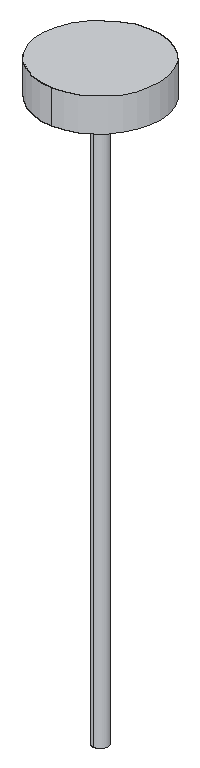
Revit family "METEOR_Atria II 4_REVIT_File (Standard)", category Lighting Fixtures, Revit 2017
Family settings
  Round Connector Dimension = Use Diameter
  Part Type = Normal
  OmniClass Number = 23.80.70.00
  OmniClass Title = Lighting
  Work Plane-Based = Yes
  Always vertical = Yes
  Cut with Voids When Loaded = No
  Light Source = Yes
  Shared = No
  Room Calculation Point = No
Parameters (values of type "ASII4-65W-408-WD")
  Wattage Comments = "65"
  Wattage = 51.1761 W
  built-in parameter 1150110 = 1 (stored number, unit not read)
  built-in parameter 1114217 = 1 (stored number, unit not read)
  Tilt Angle = 90.00°
  built-in parameter 1150109 = 1 (stored number, unit not read)
  built-in parameter 1150134 = 12
  built-in parameter 1150113 = 1 (stored number, unit not read)
  StemLength = 2' - 0"
  Photometric Web File = "ASII4-65-408-XXX-XXX-WD-XXX-XXX-DF.ies"
  Lumens = 7601.8 lm
  built-in parameter 1150115 = 1 (stored number, unit not read)
  built-in parameter 1150105 = 9747.6 (stored number, unit not read)
  built-in parameter 1150137 = (empty or 0)
  built-in parameter 1150139 = (empty or 0)
  built-in parameter 1150112 = 1 (stored number, unit not read)
  built-in parameter 1150114 = 1 (stored number, unit not read)
  Lamp = "ASII4-65W-408-WD"
  built-in parameter 1150132 = 2
  built-in parameter 1150102 = (empty or 0)
  built-in parameter 1150138 = (empty or 0)
  built-in parameter 1150107 = 4000 (stored number, unit not read)
  built-in parameter 1150106 = 97.476 (stored number, unit not read)
  built-in parameter 1150104 = 13.8 (stored number, unit not read)
  Dimming Lamp Color Temperature Shift = <None>
  Default Elevation = 4' - 0"
  Color Filter = 16777215
  built-in parameter 1114218 = 1 (stored number, unit not read)
  built-in parameter 1150133 = 10 (stored number, unit not read)
Types (101): name | Wattage Comments | Wattage | built-in parameter 1150134 | Photometric Web File | Lumens | built-in parameter 1150105 | Lamp | built-in parameter 1150107 | built-in parameter 1150106
  (no name) | "65" | 51.1761 W | 12 | "ASII4-65-408-XXX-XXX-WD-XXX-XXX-DF.ies" | 7601.8 lm | 9747.6 (stored number, unit not read) | "ASII4-65W-408-WD" | 4000 (stored number, unit not read) | 97.476 (stored number, unit not read)
  ASII4-15W-278-20D | "15" | 13.0004 W | (empty or 0) | "AS4-15-278-XXX-XXX-20-XXX-XXX.ies" | 1931.1 lm | 153.67 (stored number, unit not read) | "ASII4-15W-278-20D" | 2700 (stored number, unit not read) | 1.5367 (stored number, unit not read)
  ASII4-15W-278-35D | "15" | 14.4323 W | (empty or 0) | "AS4-15-278-XXX-XXX-35-XXX-XXX.ies" | 2143.8 lm | 170.6 (stored number, unit not read) | "ASII4-15W-278-20D" | 2700 (stored number, unit not read) | 1.706 (stored number, unit not read)
  ASII4-15W-278-45D | "15" | 13.6695 W | (empty or 0) | "ASII4-15-278-XXX-XXX-45-XXX-XXX.ies" | 2030.5 lm | 161.58 (stored number, unit not read) | "ASII4-15W-278-45D" | 2700 (stored number, unit not read) | 1.6158 (stored number, unit not read)
  ASII4-15W-278-55D | "15" | 13.4703 W | (empty or 0) | "ASII4-15-278-XXX-XXX-55-XXX-XXX.ies" | 2000.9 lm | 2978.6 (stored number, unit not read) | "ASII4-15W-278-55D" | 2700 (stored number, unit not read) | 29.786 (stored number, unit not read)
  ASII4-15W-278-WD | "15" | 12.1003 W | (empty or 0) | "ASII4-15-278-XXX-XXX-WD-XXX-XXX-DF.ies" | 1797.4 lm | 2304.8 (stored number, unit not read) | "ASII4-15W-278-WD" | 2700 (stored number, unit not read) | 23.048 (stored number, unit not read)
  ASII4-15W-308-20D | "15" | 14.9224 W | (empty or 0) | "ASII4-15-308-XXX-XXX-20-XXX-XXX.ies" | 2216.6 lm | 1386.2 (stored number, unit not read) | "ASII4-15W-308-20D" | 3000 (stored number, unit not read) | 13.862 (stored number, unit not read)
  ASII4-15W-308-35D | "15" | 13.4326 W | (empty or 0) | "ASII4-15-308-XXX-XXX-35-XXX-XXX.ies" | 1995.3 lm | 6793.7 (stored number, unit not read) | "ASII4-15W-308-35D" | 3000 (stored number, unit not read) | 67.937 (stored number, unit not read)
  ASII4-15W-308-45D | "15" | 14.124 W | (empty or 0) | "ASII4-15-308-XXX-XXX-45-XXX-XXX.ies" | 2098 lm | 3823.8 (stored number, unit not read) | "ASII4-15W-308-45D" | 3000 (stored number, unit not read) | 38.238 (stored number, unit not read)
  ASII4-15W-308-55D | "15" | 13.9173 W | (empty or 0) | "ASII4-15-308-XXX-XXX-55-XXX-XXX.ies" | 2067.3 lm | 3077.4 (stored number, unit not read) | "ASII4-15W-308-55D" | 3000 (stored number, unit not read) | 30.774 (stored number, unit not read)
  ASII4-15W-308-WD | "15" | 12.5062 W | (empty or 0) | "ASII4-15-308-XXX-XXX-WD-XXX-XXX-DF.ies" | 1857.7 lm | 2382.1 (stored number, unit not read) | "ASII4-15W-308-WD" | 3000 (stored number, unit not read) | 23.821 (stored number, unit not read)
  ASII4-15W-358-20D | "15" | 15.7787 W | (empty or 0) | "ASII4-15-358-XXX-XXX-20-XXX-XXX.ies" | 2343.8 lm | 4271.8 (stored number, unit not read) | "ASII4-15W-358-20D" | 3500 (stored number, unit not read) | 42.718 (stored number, unit not read)
  ASII4-15W-408-WD | "15" | 13.4581 W | 12 | "ASII4-15-408-XXX-XXX-WD-XXX-XXX-DF.ies" | 1999.1 lm | 6806.6 (stored number, unit not read) | "ASII4-15W-408-WD" | 4000 (stored number, unit not read) | 68.066 (stored number, unit not read)
  ASII4-25W-408-WD | "25" | 19.8725 W | 12 | "ASII4-25-408-XXX-XXX-WD-XXX-XXX-DF.ies" | 2951.9 lm | 234.9 (stored number, unit not read) | "ASII4-25W-408-WD" | 4000 (stored number, unit not read) | 2.349 (stored number, unit not read)
  ASII4-25W-408-55D | "25" | 22.1836 W | 12 | "ASII4-25-408-XXX-XXX-55-XXX-XXX.ies" | 3295.2 lm | 2060.7 (stored number, unit not read) | "ASII4-25W-408-55D" | 4000 (stored number, unit not read) | 20.607 (stored number, unit not read)
  ASII4-25W-408-45D | "25" | 22.5882 W | 12 | "ASII4-25-408-XXX-XXX-45-XXX-XXX.ies" | 3355.3 lm | 4302.4 (stored number, unit not read) | "ASII4-25W-408-45D" | 4000 (stored number, unit not read) | 43.024 (stored number, unit not read)
  ASII4-25W-408-35D | "25" | 21.4128 W | 12 | "ASII4-25-408-XXX-XXX-35-XXX-XXX.ies" | 3180.7 lm | 4734.8 (stored number, unit not read) | "ASII4-25W-408-35D" | 4000 (stored number, unit not read) | 47.348 (stored number, unit not read)
  ASII4-25W-408-20D | "25" | 23.7879 W | 12 | "ASII4-25-408-XXX-XXX-20-XXX-XXX.ies" | 3533.5 lm | 6440.1 (stored number, unit not read) | "ASII4-25W-408-20D" | 4000 (stored number, unit not read) | 64.401 (stored number, unit not read)
  ASII4-25W-358-20D | "25" | 23.2971 W | (empty or 0) | "ASII4-25-358-XXX-XXX-20-XXX-XXX.ies" | 3460.6 lm | 11782.8 (stored number, unit not read) | "ASII4-25W-358-20D" | 3500 (stored number, unit not read) | 117.83 (stored number, unit not read)
  ASII4-25W-358-35D | "25" | 20.9712 W | (empty or 0) | "ASII4-25-358-XXX-XXX-35-XXX-XXX.ies" | 3115.1 lm | 10606.5 (stored number, unit not read) | "ASII4-25W-358-35D" | 3500 (stored number, unit not read) | 106.06 (stored number, unit not read)
  ASII4-25W-358-45D | "25" | 22.0665 W | (empty or 0) | "ASII4-25-358-XXX-XXX-45-XXX-XXX.ies" | 3277.8 lm | 5974.1 (stored number, unit not read) | "ASII4-25W-358-45D" | 3500 (stored number, unit not read) | 59.741 (stored number, unit not read)
  ASII4-25W-358-55D | "25" | 21.7447 W | (empty or 0) | "ASII4-25-358-XXX-XXX-55-XXX-XXX.ies" | 3230 lm | 4808.2 (stored number, unit not read) | "ASII4-25W-358-55D" | 3500 (stored number, unit not read) | 48.082 (stored number, unit not read)
  ASII4-25W-308-20D | "25" | 22.0315 W | (empty or 0) | "ASII4-25-308-XXX-XXX-20-XXX-XXX.ies" | 3272.6 lm | 4196.4 (stored number, unit not read) | "ASII4-25W-308-20D" | 3000 (stored number, unit not read) | 41.964 (stored number, unit not read)
  ASII4-25W-308-35D | "25" | 19.8321 W | (empty or 0) | "ASII4-25-308-XXX-XXX-35-XXX-XXX.ies" | 2945.9 lm | 10030.4 (stored number, unit not read) | "ASII4-25W-308-35D" | 3000 (stored number, unit not read) | 100.3 (stored number, unit not read)
  ASII4-25W-308-45D | "25" | 20.8554 W | (empty or 0) | "ASII4-25-308-XXX-XXX-45-XXX-XXX.ies" | 3097.9 lm | 5646.2 (stored number, unit not read) | "ASII4-25W-308-45D" | 3000 (stored number, unit not read) | 56.462 (stored number, unit not read)
  ASII4-25W-308-55D | "25" | 20.5511 W | (empty or 0) | "ASII4-25-308-XXX-XXX-55-XXX-XXX.ies" | 3052.7 lm | 4544.3 (stored number, unit not read) | "ASII4-25W-308-55D" | 3000 (stored number, unit not read) | 45.443 (stored number, unit not read)
  ASII4-25W-308-WD | "25" | 18.4668 W | (empty or 0) | "ASII4-25-308-XXX-XXX-55-XXX-XXX.ies" | 2743.1 lm | 3517.4 (stored number, unit not read) | "ASII4-25W-308-WD" | 3000 (stored number, unit not read) | 35.174 (stored number, unit not read)
  ASII4-25W-358-WD | "25" | 19.4793 W | (empty or 0) | "ASII4-25-358-XXX-XXX-WD-XXX-XXX-DF.ies" | 2893.5 lm | 3710.3 (stored number, unit not read) | "ASII4-25W-358-WD" | 3000 (stored number, unit not read) | 37.103 (stored number, unit not read)
  ASII4-15W-358-45D | "15" | 14.124 W | (empty or 0) | "ASII4-15-358-XXX-XXX-45-XXX-XXX.ies" | 2098 lm | 3823.8 (stored number, unit not read) | "ASII4-15W-358-45D" | 3500 (stored number, unit not read) | 38.238 (stored number, unit not read)
  ASII4-15W-358-55D | "15" | 13.9173 W | (empty or 0) | "ASII4-15-358-XXX-XXX-55-XXX-XXX.ies" | 2067.3 lm | 3077.4 (stored number, unit not read) | "ASII4-15W-358-55D" | 3500 (stored number, unit not read) | 30.774 (stored number, unit not read)
  ASII4-15W-358-WD | "15" | 12.5062 W | (empty or 0) | "ASII4-15-358-XXX-XXX-WD-XXX-XXX-DF.ies" | 1857.7 lm | 2382.1 (stored number, unit not read) | "ASII4-15W-358-55D" | 3500 (stored number, unit not read) | 23.821 (stored number, unit not read)
  ASII4-15W-358-35D | "15" | 14.2041 W | (empty or 0) | "ASII4-15-358-XXX-XXX-35-XXX-XXX.ies" | 2109.9 lm | 7183.9 (stored number, unit not read) | "ASII4-15W-358-35D" | 3500 (stored number, unit not read) | 71.839 (stored number, unit not read)
  ASII4-15W-408-55D | "15" | 14.9823 W | 12 | "ASII4-15-408-XXX-XXX-55-XXX-XXX.ies" | 2225.5 lm | 1391.8 (stored number, unit not read) | "ASII4-15W-408-55D" | 4000 (stored number, unit not read) | 13.918 (stored number, unit not read)
  ASII4-15W-408-45D | "15" | 15.2045 W | 12 | "ASII4-15-408-XXX-XXX-45-XXX-XXX.ies" | 2258.5 lm | 2896 (stored number, unit not read) | "ASII4-15W-408-45D" | 4000 (stored number, unit not read) | 28.96 (stored number, unit not read)
  ASII4-15W-408-35D | "15" | 14.503 W | 12 | "ASII4-15-408-XXX-XXX-35-XXX-XXX.ies" | 2154.3 lm | 3206.9 (stored number, unit not read) | "ASII4-15W-408-35D" | 4000 (stored number, unit not read) | 32.069 (stored number, unit not read)
  ASII4-15W-408-20D | "15" | 16.1113 W | 12 | "ASII4-15-408-XXX-XXX-20-XXX-XXX.ies" | 2393.2 lm | 4361.8 (stored number, unit not read) | "ASII4-15W-408-20D" | 4000 (stored number, unit not read) | 43.618 (stored number, unit not read)
  ASII4-25W-278-20D | "25" | 21.3226 W | (empty or 0) | "ASII4-25-278-XXX-XXX-20-XXX-XXX.ies" | 3167.3 lm | 252.05 (stored number, unit not read) | "ASII4-25W-278-20D" | 2700 (stored number, unit not read) | 2.5205 (stored number, unit not read)
  ASII4-25W-278-35D | "25" | 13.0004 W | (empty or 0) | "ASII4-25-278-XXX-XXX-35-XXX-XXX.ies" | 1931.1 lm | 6575.1 (stored number, unit not read) | "ASII4-25W-278-35D" | 2700 (stored number, unit not read) | 65.751 (stored number, unit not read)
  ASII4-25W-278-45D | "25" | 13.6695 W | (empty or 0) | "ASII4-25-278-XXX-XXX-45-XXX-XXX.ies" | 2030.5 lm | 3700.8 (stored number, unit not read) | "ASII4-25W-278-45D" | 2700 (stored number, unit not read) | 37.008 (stored number, unit not read)
  ASII4-25W-278-55D | "25" | 13.4703 W | (empty or 0) | "ASII4-25-278-XXX-XXX-55-XXX-XXX.ies" | 2000.9 lm | 2978.6 (stored number, unit not read) | "ASII4-25W-278-55D" | 2700 (stored number, unit not read) | 29.786 (stored number, unit not read)
  ASII4-25W-278-WD | "25" | 12.1003 W | (empty or 0) | "ASII4-25-278-XXX-XXX-WD-XXX-XXX-DF.ies" | 1797.4 lm | 2304.8 (stored number, unit not read) | "ASII4-25W-278-WD" | 2700 (stored number, unit not read) | 23.048 (stored number, unit not read)
  ASII4-35W-278-20D | "35" | 27.5094 W | (empty or 0) | "ASII4-35-278-XXX-XXX-20-XXX-XXX.ies" | 4086.3 lm | 13913.3 (stored number, unit not read) | "ASII4-35W-278-20D" | 2700 (stored number, unit not read) | 139.13 (stored number, unit not read)
  ASII4-35W-278-35D | "35" | 24.7647 W | (empty or 0) | "ASII4-35-278-XXX-XXX-35-XXX-XXX.ies" | 3678.6 lm | 12525.1 (stored number, unit not read) | "ASII4-35W-278-35D" | 2700 (stored number, unit not read) | 125.25 (stored number, unit not read)
  ASII4-35W-278-45D | "35" | 26.0378 W | (empty or 0) | "ASII4-35-278-XXX-XXX-45-XXX-XXX.ies" | 3867.7 lm | 7049.2 (stored number, unit not read) | "ASII4-35W-278-45D" | 2700 (stored number, unit not read) | 70.492 (stored number, unit not read)
  ASII4-35W-278-55D | "35" | 25.6581 W | (empty or 0) | "ASII4-35-278-XXX-XXX-55-XXX-XXX.ies" | 3811.3 lm | 5673.6 (stored number, unit not read) | "ASII4-35W-278-55D" | 2700 (stored number, unit not read) | 56.736 (stored number, unit not read)
  ASII4-35W-278-WD | "35" | 23.0494 W | (empty or 0) | "ASII4-35-278-XXX-XXX-WD-XXX-XXX-DF.ies" | 3423.8 lm | 4390.3 (stored number, unit not read) | "ASII4-35W-278-WD" | 2700 (stored number, unit not read) | 43.903 (stored number, unit not read)
  ASII4-35W-308-20D | "35" | 28.4243 W | (empty or 0) | "ASII4-35-308-XXX-XXX-20-XXX-XXX.ies" | 4222.2 lm | 14376 (stored number, unit not read) | "ASII4-35W-308-20D" | 3000 (stored number, unit not read) | 143.76 (stored number, unit not read)
  ASII4-35W-308-35D | "35" | 25.5881 W | (empty or 0) | "ASII4-35-308-XXX-XXX-35-XXX-XXX.ies" | 3800.9 lm | 12941.5 (stored number, unit not read) | "ASII4-35W-308-35D" | 3000 (stored number, unit not read) | 129.42 (stored number, unit not read)
  ASII4-35W-308-45D | "35" | 26.9075 W | (empty or 0) | "ASII4-35-308-XXX-XXX-45-XXX-XXX.ies" | 3996.9 lm | 7284.7 (stored number, unit not read) | "ASII4-35W-308-45D" | 3000 (stored number, unit not read) | 72.847 (stored number, unit not read)
  ASII4-35W-308-55D | "35" | 26.511 W | (empty or 0) | "ASII4-35-308-XXX-XXX-55-XXX-XXX.ies" | 3938 lm | 5862.2 (stored number, unit not read) | "ASII4-35W-308-55D" | 3000 (stored number, unit not read) | 58.622 (stored number, unit not read)
  ASII4-35W-308-WD | "35" | 23.8222 W | (empty or 0) | "ASII4-35-308-XXX-XXX-WD-XXX-XXX-DF.ies" | 3538.6 lm | 4537.5 (stored number, unit not read) | "ASII4-35W-308-WD" | 3000 (stored number, unit not read) | 45.375 (stored number, unit not read)
  ASII4-35W-358-20D | "35" | 30.0562 W | (empty or 0) | "ASII4-35-358-XXX-XXX-20-XXX-XXX.ies" | 4464.6 lm | 15201.3 (stored number, unit not read) | "ASII4-35W-358-20D" | 3500 (stored number, unit not read) | 152.01 (stored number, unit not read)
  ASII4-35W-358-35D | "35" | 27.057 W | (empty or 0) | "ASII4-35-358-XXX-XXX-35-XXX-XXX.ies" | 4019.1 lm | 13684.4 (stored number, unit not read) | "ASII4-35W-358-35D" | 3500 (stored number, unit not read) | 136.84 (stored number, unit not read)
  ASII4-35W-358-45D | "35" | 28.4707 W | (empty or 0) | "ASII4-35-358-XXX-XXX-45-XXX-XXX.ies" | 4229.1 lm | 7707.9 (stored number, unit not read) | "ASII4-35W-358-45D" | 3500 (stored number, unit not read) | 77.079 (stored number, unit not read)
  ASII4-35W-358-55D | "35" | 28.0513 W | (empty or 0) | "ASII4-35-358-XXX-XXX-55-XXX-XXX.ies" | 4166.8 lm | 6202.8 (stored number, unit not read) | "ASII4-35W-358-55D" | 3500 (stored number, unit not read) | 62.028 (stored number, unit not read)
  ASII4-35W-358-WD | "35" | 25.1283 W | (empty or 0) | "ASII4-35-358-XXX-XXX-WD-XXX-XXX-DF.ies" | 3732.6 lm | 4786.2 (stored number, unit not read) | "ASII4-35W-358-WD" | 3500 (stored number, unit not read) | 47.862 (stored number, unit not read)
  ASII4-35W-408-20D | "35" | 30.689 W | 12 | "ASII4-35-408-XXX-XXX-20-XXX-XXX.ies" | 4558.6 lm | 15521.4 (stored number, unit not read) | "ASII4-35W-408-20D" | 4000 (stored number, unit not read) | 155.21 (stored number, unit not read)
  ASII4-35W-408-35D | "35" | 27.6265 W | 12 | "ASII4-35-408-XXX-XXX-35-XXX-XXX.ies" | 4103.7 lm | 13972.5 (stored number, unit not read) | "ASII4-35W-408-35D" | 4000 (stored number, unit not read) | 139.73 (stored number, unit not read)
  ASII4-35W-408-45D | "35" | 29.1426 W | 12 | "ASII4-35-408-XXX-XXX-45-XXX-XXX.ies" | 4328.9 lm | 7889.8 (stored number, unit not read) | "ASII4-35W-408-45D" | 4000 (stored number, unit not read) | 78.898 (stored number, unit not read)
  ASII4-35W-408-55D | "35" | 28.6209 W | 12 | "ASII4-35-408-XXX-XXX-55-XXX-XXX.ies" | 4251.4 lm | 6328.7 (stored number, unit not read) | "ASII4-35W-408-55D" | 4000 (stored number, unit not read) | 63.287 (stored number, unit not read)
  ASII4-35W-408-WD | "35" | 25.6352 W | 12 | "ASII4-35-408-XXX-XXX-WD-XXX-XXX-DF.ies" | 3807.9 lm | 4882.8 (stored number, unit not read) | "ASII4-35W-408-WD" | 4000 (stored number, unit not read) | 48.828 (stored number, unit not read)
  ASII4-45W-278-20D | "45" | 41.3257 W | (empty or 0) | "ASII4-45-278-XXX-XXX-20-XXX-XXX.ies" | 6138.6 lm | 20901 (stored number, unit not read) | "ASII4-45W-278-20D" | 2700 (stored number, unit not read) | 209.01 (stored number, unit not read)
  ASII4-45W-278-35D | "45" | 37.2245 W | (empty or 0) | "ASII4-45-278-XXX-XXX-35-XXX-XXX.ies" | 5529.4 lm | 18826.8 (stored number, unit not read) | "ASII4-45W-278-35D" | 2700 (stored number, unit not read) | 188.27 (stored number, unit not read)
  ASII4-45W-278-45D | "45" | 39.1108 W | (empty or 0) | "ASII4-45-278-XXX-XXX-45-XXX-XXX.ies" | 5809.6 lm | 10588.5 (stored number, unit not read) | "ASII4-45W-278-45D" | 2700 (stored number, unit not read) | 105.89 (stored number, unit not read)
  ASII4-45W-278-55D | "45" | 38.5433 W | (empty or 0) | "ASII4-45-278-XXX-XXX-55-XXX-XXX.ies" | 5725.3 lm | 8522.8 (stored number, unit not read) | "ASII4-45W-278-55D" | 2700 (stored number, unit not read) | 85.228 (stored number, unit not read)
  ASII4-45W-278-WD | "45" | 34.6286 W | (empty or 0) | "ASII4-45-278-XXX-XXX-WD-XXX-XXX-DF.ies" | 5143.8 lm | 6595.8 (stored number, unit not read) | "ASII4-45W-278-WD" | 2700 (stored number, unit not read) | 65.958 (stored number, unit not read)
  ASII4-45W-308-20D | "45" | 42.7004 W | (empty or 0) | "ASII4-45-308-XXX-XXX-20-XXX-XXX.ies" | 6342.8 lm | 21596.3 (stored number, unit not read) | "ASII4-45W-308-20D" | 3000 (stored number, unit not read) | 215.96 (stored number, unit not read)
  ASII4-45W-308-35D | "45" | 38.4632 W | (empty or 0) | "ASII4-45-308-XXX-XXX-35-XXX-XXX.ies" | 5713.4 lm | 19453.3 (stored number, unit not read) | "ASII4-45W-308-35D" | 3000 (stored number, unit not read) | 194.53 (stored number, unit not read)
  ASII4-45W-308-45D | "45" | 40.4189 W | (empty or 0) | "ASII4-45-308-XXX-XXX-45-XXX-XXX.ies" | 6003.9 lm | 10942.6 (stored number, unit not read) | "ASII4-45W-308-45D" | 3000 (stored number, unit not read) | 109.43 (stored number, unit not read)
  ASII4-45W-308-55D | "45" | 39.8298 W | (empty or 0) | "ASII4-45-308-XXX-XXX-55-XXX-XXX.ies" | 5916.4 lm | 8807.2 (stored number, unit not read) | "ASII4-45W-308-55D" | 3000 (stored number, unit not read) | 88.072 (stored number, unit not read)
  ASII4-45W-308-WD | "45" | 35.7899 W | (empty or 0) | "ASII4-45-308-XXX-XXX-WD-XXX-XXX-DF.ies" | 5316.3 lm | 6817 (stored number, unit not read) | "ASII4-45W-308-WD" | 3000 (stored number, unit not read) | 68.17 (stored number, unit not read)
  ASII4-45W-358-20D | "45" | 45.1509 W | (empty or 0) | "ASII4-45-308-XXX-XXX-20-XXX-XXX.ies" | 6706.8 lm | 22835.7 (stored number, unit not read) | "ASII4-45W-358-20D" | 3500 (stored number, unit not read) | 228.36 (stored number, unit not read)
  ASII4-45W-358-35D | "45" | 40.67 W | (empty or 0) | "ASII4-45-358-XXX-XXX-35-XXX-XXX.ies" | 6041.2 lm | 20569.4 (stored number, unit not read) | "ASII4-45W-358-35D" | 3500 (stored number, unit not read) | 205.69 (stored number, unit not read)
  ASII4-45W-358-45D | "45" | 42.7657 W | (empty or 0) | "ASII4-45-358-XXX-XXX-45-XXX-XXX.ies" | 6352.5 lm | 11578 (stored number, unit not read) | "ASII4-45W-358-45D" | 3500 (stored number, unit not read) | 115.78 (stored number, unit not read)
  ASII4-45W-358-55D | "45" | 42.1598 W | (empty or 0) | "ASII4-45-358-XXX-XXX-55-XXX-XXX.ies" | 6262.5 lm | 9322.5 (stored number, unit not read) | "ASII4-45W-358-55D" | 3500 (stored number, unit not read) | 93.225 (stored number, unit not read)
  ASII4-45W-358-WD | "45" | 50.1629 W | (empty or 0) | "ASII4-45-358-XXX-XXX-WD-XXX-XXX-DF.ies" | 7451.3 lm | 9554.7 (stored number, unit not read) | "ASII4-45W-358-WD" | 3500 (stored number, unit not read) | 95.547 (stored number, unit not read)
  ASII4-45W-408-20D | "45" | 46.1015 W | 12 | "ASII4-45-408-XXX-XXX-20-XXX-XXX.ies" | 6848 lm | 23316.4 (stored number, unit not read) | "ASII4-45W-408-20D" | 4000 (stored number, unit not read) | 233.16 (stored number, unit not read)
  ASII4-45W-408-35D | "45" | 41.5263 W | 12 | "ASII4-45-408-XXX-XXX-35-XXX-XXX.ies" | 6168.4 lm | 21002.5 (stored number, unit not read) | "ASII4-45W-408-35D" | 4000 (stored number, unit not read) | 210.03 (stored number, unit not read)
  ASII4-45W-408-45D | "45" | 43.7344 W | 12 | "ASII4-45-408-XXX-XXX-45-XXX-XXX.ies" | 6496.4 lm | 11840.3 (stored number, unit not read) | "ASII4-45W-408-45D" | 4000 (stored number, unit not read) | 118.4 (stored number, unit not read)
  ASII4-45W-408-55D | "45" | 43.1144 W | 12 | "ASII4-45-408-XXX-XXX-55-XXX-XXX.ies" | 6404.3 lm | 9533.5 (stored number, unit not read) | "ASII4-45W-408-55D" | 4000 (stored number, unit not read) | 95.335 (stored number, unit not read)
  ASII4-45W-408-WD | "45" | 38.5144 W | 12 | "ASII4-45-408-XXX-XXX-WD-XXX-XXX-DF.ies" | 5721 lm | 7335.9 (stored number, unit not read) | "ASII4-45W-408-WD" | 4000 (stored number, unit not read) | 73.359 (stored number, unit not read)
  ASII4-65W-278-20D | "65" | 55.0693 W | (empty or 0) | "ASII4-65-278-XXX-XXX-20-XXX-XXX.ies" | 8180.1 lm | 27852.1 (stored number, unit not read) | "ASII4-65W-278-20D" | 2700 (stored number, unit not read) | 278.52 (stored number, unit not read)
  ASII4-65W-278-35D | "65" | 49.4204 W | (empty or 0) | "ASII4-65-278-XXX-XXX-35-XXX-XXX.ies" | 7341 lm | 24995 (stored number, unit not read) | "ASII4-65W-278-35D" | 2700 (stored number, unit not read) | 249.95 (stored number, unit not read)
  ASII4-65W-278-45D | "65" | 51.9018 W | (empty or 0) | "ASII4-65-278-XXX-XXX-45-XXX-XXX.ies" | 7709.6 lm | 14051.4 (stored number, unit not read) | "ASII4-65W-278-45D" | 2700 (stored number, unit not read) | 140.51 (stored number, unit not read)
  ASII4-65W-278-55D | "65" | 51.2057 W | (empty or 0) | "ASII4-65-278-XXX-XXX-WD-XXX-XXX-DF.ies" | 7606.2 lm | 11322.7 (stored number, unit not read) | "ASII4-65W-278-55D" | 2700 (stored number, unit not read) | 113.23 (stored number, unit not read)
  ASII4-65W-278-WD | "65" | 46.0126 W | (empty or 0) | "ASII4-65-278-XXX-XXX-WD-XXX-XXX-DF.ies" | 6834.8 lm | 4274.2 (stored number, unit not read) | "ASII4-65W-278-WD" | 2700 (stored number, unit not read) | 42.742 (stored number, unit not read)
  ASII4-65W-308-20D | "65" | 56.8997 W | (empty or 0) | "ASII4-65-308-XXX-XXX-20-XXX-XXX.ies" | 8452 lm | 5285.6 (stored number, unit not read) | "ASII4-65W-308-20D" | 3000 (stored number, unit not read) | 52.856 (stored number, unit not read)
  ASII4-65W-308-35D | "65" | 51.063 W | (empty or 0) | "ASII4-65-308-XXX-XXX-35-XXX-XXX.ies" | 7585 lm | 25825.8 (stored number, unit not read) | "ASII4-65W-308-35D" | 3000 (stored number, unit not read) | 258.26 (stored number, unit not read)
  ASII4-65W-308-45D | "65" | 53.6428 W | (empty or 0) | "ASII4-65-308-XXX-XXX-45-XXX-XXX.ies" | 7968.2 lm | 14522.8 (stored number, unit not read) | "ASII4-65W-308-45D" | 3000 (stored number, unit not read) | 145.23 (stored number, unit not read)
  ASII4-65W-308-55D | "65" | 52.9231 W | (empty or 0) | "ASII4-65-308-XXX-XXX-55-XXX-XXX.ies" | 7861.3 lm | 11702.5 (stored number, unit not read) | "ASII4-65W-308-55D" | 3000 (stored number, unit not read) | 117.02 (stored number, unit not read)
  ASII4-65W-308-WD | "65" | 47.5556 W | (empty or 0) | "ASII4-65-308-XXX-XXX-WD-XXX-XXX-DF.ies" | 7064 lm | 9058 (stored number, unit not read) | "ASII4-65W-308-WD" | 3000 (stored number, unit not read) | 90.58 (stored number, unit not read)
  ASII4-65W-358-20D | "65" | 60.2005 W | (empty or 0) | "ASII4-65-358-XXX-XXX-20-XXX-XXX.ies" | 8942.3 lm | 30447.2 (stored number, unit not read) | "ASII4-65W-358-20D" | 3500 (stored number, unit not read) | 304.47 (stored number, unit not read)
  ASII4-65W-358-35D | "65" | 53.9948 W | (empty or 0) | "ASII4-65-358-XXX-XXX-35-XXX-XXX.ies" | 8020.5 lm | 27308.6 (stored number, unit not read) | "ASII4-65W-358-35D" | 3500 (stored number, unit not read) | 273.09 (stored number, unit not read)
  ASII4-65W-358-45D | "65" | 56.7806 W | (empty or 0) | "ASII4-65-358-XXX-XXX-45-XXX-XXX.ies" | 8434.3 lm | 15372.3 (stored number, unit not read) | "ASII4-65W-358-45D" | 3500 (stored number, unit not read) | 153.72 (stored number, unit not read)
  ASII4-65W-358-55D | "65" | 56.0192 W | (empty or 0) | "ASII4-65-358-XXX-XXX-55-XXX-XXX.ies" | 8321.2 lm | 12387.1 (stored number, unit not read) | "ASII4-65W-358-55D" | 3500 (stored number, unit not read) | 123.87 (stored number, unit not read)
  ASII4-65W-358-WD | "65" | 50.1629 W | (empty or 0) | "ASII4-65-358-XXX-XXX-WD-XXX-XXX-DF.ies" | 7451.3 lm | 9554.7 (stored number, unit not read) | "ASII4-65W-358-WD" | 3500 (stored number, unit not read) | 95.547 (stored number, unit not read)
  ASII4-65W-408-20D | "65" | 61.4682 W | 12 | "ASII4-65-408-XXX-XXX-20-XXX-XXX.ies" | 9130.6 lm | 31088.4 (stored number, unit not read) | "ASII4-65W-408-20D" | 4000 (stored number, unit not read) | 310.88 (stored number, unit not read)
  ASII4-65W-408-35D | "65" | 55.1319 W | 12 | "ASII4-65-408-XXX-XXX-35-XXX-XXX.ies" | 8189.4 lm | 27883.7 (stored number, unit not read) | "ASII4-65W-408-35D" | 4000 (stored number, unit not read) | 278.84 (stored number, unit not read)
  ASII4-65W-408-45D | "65" | 57.9728 W | 12 | "ASII4-65-408-XXX-XXX-45-XXX-XXX.ies" | 8611.4 lm | 15695.1 (stored number, unit not read) | "ASII4-65W-408-45D" | 4000 (stored number, unit not read) | 156.95 (stored number, unit not read)
  ASII4-65W-408-55D | "65" | 57.1509 W | 12 | "ASII4-65-408-XXX-XXX-55-XXX-XXX.ies" | 8489.3 lm | 12637.3 (stored number, unit not read) | "ASII4-65W-408-55D" | 4000 (stored number, unit not read) | 126.37 (stored number, unit not read)
  ASII4-65W-408-WD | "65" | 51.1761 W | 12 | "ASII4-65-408-XXX-XXX-WD-XXX-XXX-DF.ies" | 7601.8 lm | 9747.6 (stored number, unit not read) | "ASII4-65W-408-WD" | 4000 (stored number, unit not read) | 97.476 (stored number, unit not read)
Reference planes (in)
  plane 1 "Light Source Axis (F/B)": y = 0
  plane 2: z = 0
  plane 3 "Light Source Axis (L/R)": x = 0
  plane 4 "Light Source Elevation": z = -3.32748
Forms (in)
  Extrusion 1, solid
    sketch origin (0, -1.9245, 9.60559) x (0, -1, 0) y (1, 0, 0)
      loop
        circle (-2.02071, 0) r 0.3125
    from 0 to 24 <- "StemLength"
  Extrusion 2, solid
    sketch origin (0, -1.9245, 33.60559) x (0, -1, 0) y (1, 0, 0)
      loop
        circle (-2.02071, 0) r 2.5
    from 0 to 1.4
Dimensions and locks (in)
  aligned and locked: plane 3 "Light Source Axis (L/R)" to imposter light
  aligned and locked: plane 4 "Light Source Elevation" to imposter light
  aligned and locked: level to plane 2
  aligned and locked: import instance to imposter light  (x2)
  aligned and locked: imposter light to import instance
  aligned and locked: Extrusion 1 to import instance
  aligned and locked: Extrusion 1 to Extrusion 2
